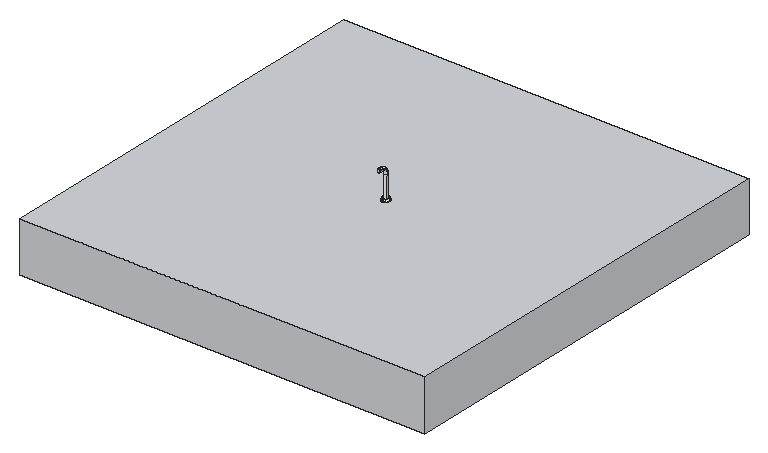
Revit family "Outlet-Basin-Caroma G Series 180-Wall_Temp_c795294d-345e-4c48-9525-1f2a5e6748ce", category Plumbing Fixtures, host Face, Revit 2015
Parameters (values of type "Chrome")
  Waste Connection = no
  Vent Connection = no
  URL = "http://specify.caroma.com.au/"
  Type Comments = "Caroma G Series Plus Wall Basin Outlet 180mm"  # constant formula
  ModifiedIssue_ANZRS = 20170420.54  # constant formula
  Model = "G03050C5A"  # constant formula
  Material_ANZRS = Metal-Chrome-Caroma
  Manufacturer = "GWA Bathrooms&Kitchens"  # constant formula
  Keynote = ""
  HWFU = 0
  HW Connection = no
  Description = "WELS 5 star rated, 6L/min"  # constant formula
  Default Elevation = 1000 mm
  CreatedBy_ANZRS = "Design Content"  # constant formula
  CreatedByURL_ANZRS = "http://www.designcontent.com.au/"
  Cost = 0
  ConnectorDiameter = 20 mm
  CWFU = 0
  CW Connection = yes
  Assembly Code = "D2020"
Reference planes
  plane 1 "Center (Front/Back)": y = 0
  plane 2: z = 0
  plane 3 "Center (Left/Right)": x = 0
Forms (mm)
  Extrusion 1, solid
    sketch origin (-11.577, 4.584, 0) x (1, 0, 0) y (0, 1, 0)
      loop
        line (-1219.2, 1219.2) -> (-1219.2, -1219.2) -> (1219.2, -1219.2) -> (1219.2, 1219.2) -> (-1219.2, 1219.2)
    from 0 to -304.8
  Sweep 2, solid, material "Metal-Chrome-Caroma" <- "Material_ANZRS"
    path origin (0, 0, 0) x (0, 1, 0) y (0, 0, 1)
      loop
        line (-0.068, 12.125) -> (-0.068, 145.139)
        arc (-0.068, 145.139) -> (-10.319, 169.888) -> (-35.068, 180.139) r 35
        line (-35.068, 180.139) -> (-50.025, 180.139)
    profile origin (0, -0.068, 78.632) x (0, -1, 0) y (1, 0, 0)
      loop
        circle (0.167, -0.034) r 9.808
  Revolve 3, solid, material "Metal-Chrome-Caroma" <- "Material_ANZRS"
    sketch origin (0, 0, 0) x (1, 0, 0) y (0, 0, 1)
      loop
        line (0, 12.139) -> (0, 0.129) -> (24.33, 0.156)
        arc (24.33, 0.156) -> (24.803, 0.416) -> (24.838, 0.955) r 0.562
        line (24.838, 0.955) -> (20.019, 11.289)
        arc (20.019, 11.289) -> (19.457, 11.931) -> (18.638, 12.168) r 1.522
        line (18.638, 12.168) -> (0, 12.139)
      axis (0, 0.129) -> (0, 12.168)
    angle from 0 to 360
Cuts and joins
  joined: Sweep 2, Revolve 3
Lines and regions (mm)
  Masking region 1
    outline origin (0, -0.549, 0) x (0, 1, 0) y (0, 0, 1)
      loop
        arc (21.034, 11.275) -> (20.479, 11.909) -> (19.67, 12.163) r 1.504
        line (19.67, 12.163) -> (10.127, 12.163) -> (10.127, 145.135)
        arc (10.127, 145.135) -> (-2.915, 176.622) -> (-34.402, 189.664) r 44.529
        line (-34.402, 189.664) -> (-49.476, 189.664) -> (-49.476, 170.185) -> (-35.023, 170.185)
        arc (-35.023, 170.185) -> (-17.641, 163.354) -> (-9.559, 146.518) r 25.532
        line (-9.559, 146.518) -> (-9.632, 12.165) -> (-18.545, 12.145)
        arc (-18.545, 12.145) -> (-19.352, 11.909) -> (-19.906, 11.275) r 1.504
        line (-19.906, 11.275) -> (-24.818, 0.717)
        arc (-24.818, 0.717) -> (-24.814, 0.275) -> (-24.468, 0) r 0.513
        line (-24.468, 0) -> (25.596, 0)
        arc (25.596, 0) -> (25.941, 0.275) -> (25.946, 0.717) r 0.513
        line (25.946, 0.717) -> (21.034, 11.275)
  Masking region 2
    outline origin (0, 0, 0) x (1, 0, 0) y (0, 0, 1)
      loop
        line (24.824, 0.987) -> (19.877, 11.594)
        arc (19.877, 11.594) -> (19.457, 11.969) -> (18.93, 12.169) r 1.551
        line (18.93, 12.169) -> (9.774, 12.169) -> (9.774, 180.157)
        arc (9.774, 180.157) -> (-0.029, 189.96) -> (-9.832, 180.157) r 9.803
        line (-9.832, 180.157) -> (-9.832, 12.169) -> (-18.951, 12.169)
        arc (-18.951, 12.169) -> (-19.673, 11.878) -> (-20.123, 11.242) r 1.377
        line (-20.123, 11.242) -> (-24.957, 0.838)
        arc (-24.957, 0.838) -> (-24.924, 0.341) -> (-24.486, 0.102) r 0.518
        line (-24.486, 0.102) -> (24.727, 0.156)
        arc (24.727, 0.156) -> (25.005, 0.545) -> (24.824, 0.987) r 0.493
  Masking region 3
    outline origin (0, 0, 0) x (1, 0, 0) y (0, 1, 0)
      loop
        arc (9.774, -23.462) -> (0.037, 25.382) -> (-9.843, -23.434) r 25.4
        line (-9.843, -23.434) -> (-9.843, -50.025) -> (9.774, -50.025) -> (9.774, -23.462)
  symbolic lines, style "PlumbingFixtures"
    curve 1: line (-9.843, 0, 12.168) -> (9.774, 0, 12.168)
    curve 2: line (0, -10.182, 12.165) -> (0, 9.578, 12.194)
    curve 3: line (-9.843, -50.025, 0) -> (9.774, -50.025, 0)
    curve 4: line (-9.843, -50.025, 0) -> (-9.843, -0.234, 0)
    curve 5: line (9.774, -0.234, 0) -> (9.774, -50.025, 0)
    curve 6: arc (-9.843, -0.234, 0) -> (-0.034, 9.574, 0) -> (9.774, -0.234, 0) r 9.808
Dimensions and locks
  aligned and locked: plane 2 to Extrusion 1
  aligned and locked: level to Extrusion 1
Connectors
  piping at (0, 0, 0), diameter 20, driven by "ConnectorDiameter"
    settings: on Revolve 3, index 1, connector inside diameter 24", connector length 0 mm, flow factor 0, pipe flow 0 GPM, pressure drop 0.00 psi, fitting loss kfactor 0, connector angle 0.00°, fixture units 0, engagement length 0 mm, angle of deflection 0.00°, flow configuration 0, flow direction 1, fitting loss method 0, system type 20, joint type 0, gender type 0, connector reference index -1, connector utility 0, adjustable connector no, is connector primary yes, connector description "Connector"
